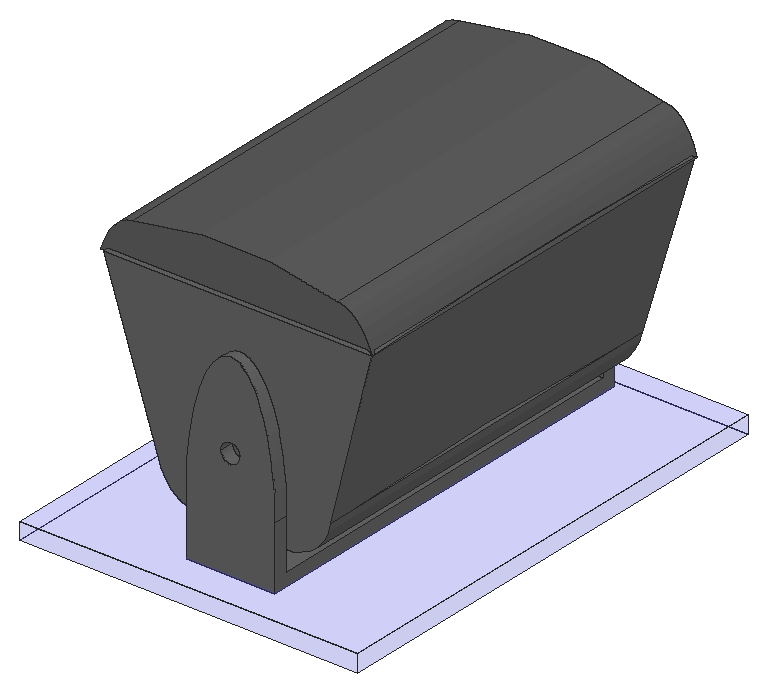
Revit family "AC-S4T - Yoke Mount", category Generic Models, host Face, Revit 2014
Parameters
  Yoke Finish [instance] = Black Finish
  Width = 0' - 6 77/256"
  Weight Product (lb) = 5.3
  Weight Product (kg) = 2.4
  Weight Dimensional (lb) = 11.8
  Weight Dimensional (kg) = 5.3
  URL = "TBA"
  Translated Angle [instance] = Rotation Angle + 90.00°  # 90.00°
  Sensitivity = 85
  SPL Max = 103
  Rotation Angle [instance] = 0.00°
  Regulatory Compliance = "RoHS"
  Product Page URL = "TBA"
  Product Documentation Link = "TBA"
  Power Handling = 16
  Mount Width = 0' - 4 135/256"
  Mount Inner Height [instance] = 1' - 10.9924"
  Mount Height = 1' - 11.51846"
  Mount Depth = 0' - 10"
  Model = "AC-S4T"
  Manufacturer URL = "www.qsc.com"
  Manufacturer = "QSC Audio Products, LLC"
  Impedance = 8
  Height = 1' - 11 119/256"
  Grille Finish [instance] = Black Grille
  Enclosure Finish [instance] = Black Finish
  Description = "4\" 2-Way Surface Mount Loudspeaker"
  Depth = 0' - 11.72664"
  Default Elevation = 8' - 0"
  Coverage Vertical = 130.00°
  Coverage Horizontal = 130.00°
  70V Taps = "16, 8, 4, 2, 1"
  100V Taps = "16, 8, 4, 2"
Reference planes (in)
  plane 1 "Center (Front/Back)": y = 0
  plane 2: z = 0
  plane 3 "Center (Left/Right)": x = 0
  plane 4 "Top": y = 11.75923
  plane 5 "Bottom": y = -11.75923
  plane 6: x = -2.26367
  plane 7: x = 2.26367
  plane 8: z = 10
  plane 9: z = 7.01025
  plane 10: y = 11.4962
  plane 11: y = -11.4962
  plane 12: z = 6.53543
  plane 13: z = 2.38932
Forms (in)
  Extrusion 1, solid, material "Glass"
    sketch origin (0.25, 0, 0) x (1, 0, 0) y (0, 1, 0)
      loop
        line (-4.25546, 12.39578) -> (-4.25546, 1.58838) -> (3.21815, 1.58838) -> (3.21815, 12.39578) -> (-4.25546, 12.39578)
    from 0 to -0.39453
  Extrusion 2, solid, material "Black Finish" <- "Yoke Finish"
    sketch origin (0.15085, -11.75923, -0.03699) x (1, 0, 0) y (0, 0, -1)
      loop
        circle (-0.14554, -2.43937) r 0.21654
      loop
        line (0.8437, 0) -> (-1.12468, 0) -> (-1.12468, -1.40133)
        spline (-1.12468, -1.40133) -> (-1.09114, -2.16556) -> (-0.99282, -2.87771) -> (-0.83642, -3.48925) -> (-0.63258, -3.95849) -> (-0.39522, -4.25347) -> (-0.14049, -4.35409) -> (0.11424, -4.25347) -> (0.3516, -3.95849) -> (0.55544, -3.48925) -> (0.71184, -2.87771) -> (0.81016, -2.16556) -> (0.8437, -1.40133)
        line (0.8437, -1.40133) -> (0.8437, 0)
    from 14.15501 to 23.51846 <- "Mount Height"
  Extrusion 3, void
    sketch origin (-12.33017, -11.4962, 48.00903) x (1, 0, 0) y (0, 0, -1)
      loop
        line (10.05282, 44.61971) -> (14.58017, 44.61971) -> (14.58017, 47.75903) -> (10.05282, 47.75903) -> (10.05282, 44.61971)
    from 14.19503 to 22.9924 <- "Mount Inner Height"
Cuts and joins
  Extrusion 3 cuts Extrusion 2
Lines and regions (in)
  reference lines
    curve 1: line (0.00753, 0, 2.38932) -> (0.00753, 0, 6.48578)
Dimensions and locks (in)
  equal spacing: plane 4 "Top", plane 1 "Center (Front/Back)", plane 5 "Bottom"
  "Mount Height": plane 4 "Top" to plane 5 "Bottom"
  equal spacing: plane 6, plane 3 "Center (Left/Right)", plane 7
  "Mount Width": plane 6 to plane 7
  "Mount Depth": plane 8 to plane 2
  equal spacing: plane 11, plane 1 "Center (Front/Back)", plane 10
  plane 4 "Top" to plane 10 = 0' - 0.26303"
  level to Extrusion 3 sketch curve = 0' - 0 1/4"
  "Mount Inner Height": plane 10 to plane 11
  plane 12 to plane 2 = 0' - 6.53543"
  "Translated Angle": angle plane 13 to nested 2
  aligned and locked: plane 2 to Extrusion 1
  aligned and locked: level to Extrusion 1
Automatic sketch dimensions
  Extrusion 1 sketch curve to Extrusion 1 sketch curve = 0' - 7.4736"
  Extrusion 1 sketch curve to Extrusion 1 sketch curve = 0' - 10.8074"
  plane 6 to Extrusion 3 sketch curve = 0' - 0.01367"
  plane 7 to Extrusion 3 sketch curve = 0' - 0.01367"
  plane 8 to Extrusion 3 sketch curve = 0' - 6.61068"
  level to Extrusion 2 sketch curve = 0' - 0.03699"
  Extrusion 2 sketch curve to plane 6 = 0' - 1.28984"
  Extrusion 2 sketch curve to plane 3 "Center (Left/Right)" = 0' - 0.00531"
  Extrusion 2 sketch curve to plane 3 "Center (Left/Right)" = 0' - 0.01036"
  plane 9 to Extrusion 2 sketch curve = 0' - 5.64591"
  plane 12 to Extrusion 2 sketch curve = 0' - 4.13306"
  curve 1 to plane 13 = 0' - 0"
  plane 3 "Center (Left/Right)" to curve 1 = 0' - 0.00753"
  curve 1 to plane 12 = 0' - 0.04966"
  radius of Extrusion 2 sketch curve = 0' - 0.21654"
Nested families (in)
  nested 1: "AD-S12" at (9, 0, 15.71517) x (-1, 0, 0) z (0, -1, 0), type "AD-S12", not visible
  nested 2: "AC-S4T restart" at (-0.00079, 7.08328, 6.52251) x (1, 0, 0) z (0, 1, 0), type "AC-S4T restart"
Definition of nested family "AD-S12"
  Parameters (values of type "AD-S12")
    Width = 1' - 1.93701"
    Weight Dimensional (lb) = 46.3
    Weight Dimensional (kg) = 21
    URL = "TBA"
    Sensitivity = 92
    SPL Max = 126
    Rotation Axis Distance = 10' - 11.92913"
    Regulatory Compliance = "RoHS"
    Product Page URL = "TBA"
    Product Documentation Link = "TBA"
    Weight Product (kg) = 16
    Weight Product (lb) = 35
    Power Handling = 300
    Model = "AD-S12"
    Mid Depth = 1' - 0.22441"
    Manufacturer URL = "www.qscaudio.com"
    Manufacturer = "QSC Audio Products, LLC"
    Impedance = 8
    Height [instance] = 1' - 11.4594"
    Grille Finish = Black Grille
    Enclosure Finish = Black Finish
    Description = "12\" 2-Way Surface Mount Loudspeaker"
    Depth [instance] = 1' - 0.71517"
    Coverage Vertical = 75.00°
    Coverage Horizontal = 75.00°
  Reference planes (in)
    plane 1 "Center (Front/Back) (Grille Extent)": y = 0
    plane 2: z = 0
    plane 3 "Center (Left/Right)": x = 0
    plane 4 "Rotation Axis Plane": y = 131.92913
    plane 5: x = -6.9685
    plane 6: x = 6.9685
    plane 7: x = 4.20118
    plane 8: x = -4.20118
    plane 9: y = 2.80315
    plane 10: x = -5.62343
    plane 11: x = 5.62343
    plane 12: y = 11.14843
    plane 13: x = -4.43091
    plane 14: x = 4.43091
    plane 15: y = 0.2126
    plane 16 "Back Plane": y = 12.71517
    plane 17: y = 12.22441
    plane 18: y = 3.07038
    plane 19: x = -6.82087
    plane 20: x = 6.82087
    plane 21: z = 5.51181
    plane 22: z = 3.93701
    plane 23: x = -1.5748
    plane 24: x = 1.5748
    plane 25 "Top Plane": z = 11.83201
    plane 26: z = -11.62738
    plane 27: x = 4.20118
    plane 28: x = -4.20118
    plane 29: y = 2.80315
    plane 30: x = -5.62343
    plane 31: x = 5.62343
    plane 32: y = 11.14843
    plane 33: x = -4.43091
    plane 34: x = 4.43091
    plane 35: y = 0.2126
    plane 36: y = 12.22441
    plane 37: y = 3.07038
    plane 38: x = -6.82087
    plane 39: x = 6.82087
  Forms (in)
    Revolve 1, solid, material "Black Finish" <- "Enclosure Finish"
      sketch origin (0, 0, 0) x (1, 0, 0) y (0, 1, 0)
        loop
          spline (-4.20118, 12.22441) -> (-4.40269, 12.21694) -> (-4.58911, 12.19452) -> (-4.76044, 12.15716) -> (-4.91669, 12.10486) -> (-5.05784, 12.03761) -> (-5.1839, 11.95541) -> (-5.29488, 11.85828) -> (-5.39077, 11.74619) -> (-5.47157, 11.61917) -> (-5.53727, 11.4772) -> (-5.58789, 11.32028) -> (-5.62343, 11.14843)
          line (-5.62343, 11.14843) -> (-6.9685, 2.80315)
          spline (-6.9685, 2.80315) -> (-6.84295, 2.41211) -> (-6.70178, 2.04969) -> (-6.54499, 1.7159) -> (-6.37258, 1.41074) -> (-6.18454, 1.1342) -> (-5.98089, 0.88629) -> (-5.76161, 0.66701) -> (-5.52671, 0.47635) -> (-5.27619, 0.31433) -> (-5.01005, 0.18092) -> (-4.72829, 0.07615) -> (-4.43091, 0)
          spline (-4.43091, 0) -> (-3.69309, 0.07606) -> (-2.95515, 0.13828) -> (-2.21709, 0.18668) -> (-1.47891, 0.22126) -> (-0.74061, 0.242) -> (-0.00219, 0.24891) -> (0.73636, 0.242) -> (1.47502, 0.22126) -> (2.21381, 0.18668) -> (2.95272, 0.13828) -> (3.69175, 0.07606) -> (4.43091, 0)
          spline (4.43091, 0) -> (4.72829, 0.07615) -> (5.01005, 0.18092) -> (5.27619, 0.31433) -> (5.52671, 0.47635) -> (5.76161, 0.66701) -> (5.98089, 0.88629) -> (6.18454, 1.1342) -> (6.37258, 1.41074) -> (6.54499, 1.7159) -> (6.70178, 2.04969) -> (6.84295, 2.41211) -> (6.9685, 2.80315)
          line (6.9685, 2.80315) -> (5.62343, 11.14843)
          spline (5.62343, 11.14843) -> (5.58789, 11.32028) -> (5.53727, 11.4772) -> (5.47157, 11.61917) -> (5.39077, 11.74619) -> (5.29488, 11.85828) -> (5.1839, 11.95541) -> (5.05784, 12.03761) -> (4.91669, 12.10486) -> (4.76044, 12.15716) -> (4.58911, 12.19452) -> (4.40269, 12.21694) -> (4.20118, 12.22441)
          line (4.20118, 12.22441) -> (-4.20118, 12.22441)
        axis (-6.9685, 131.92913) -> (6.9685, 131.92913)
      angle from -5.19 to 5.19
    Revolve 2, void
      sketch origin (0, 0, 0) x (1, 0, 0) y (0, 1, 0)
        loop
          line (-6.82087, 3.07038) -> (-6.82087, 0) -> (6.82087, 0) -> (6.82087, 3.07038) -> (-6.82087, 3.07038)
        axis (-6.82087, 131.92913) -> (6.82087, 131.92913)
      angle from -5 to 5
    Extrusion 3, void
      sketch origin (0, 12.71517, 0) x (-1, 0, 0) y (0, 0, -1)
        loop
          line (-1.5748, -5.51181) -> (1.5748, -5.51181) -> (1.5748, -3.93701) -> (-1.5748, -3.93701) -> (-1.5748, -5.51181)
      from 0 to 0.59055
    Revolve 4, solid, material "Black Grille" <- "Grille Finish"
      sketch origin (0, 0, 0) x (1, 0, 0) y (0, 1, 0)
        loop
          spline (-4.43091, 0) -> (-3.69309, 0.07606) -> (-2.95515, 0.13828) -> (-2.21709, 0.18668) -> (-1.47891, 0.22126) -> (-0.74061, 0.242) -> (-0.00219, 0.24891) -> (0.73636, 0.242) -> (1.47502, 0.22126) -> (2.21381, 0.18668) -> (2.95272, 0.13828) -> (3.69175, 0.07606) -> (4.43091, 0)
          spline (4.43091, 0) -> (4.71215, 0.08363) -> (4.97847, 0.18767) -> (5.22987, 0.31212) -> (5.46634, 0.45698) -> (5.68789, 0.62226) -> (5.89452, 0.80794) -> (6.08622, 1.01404) -> (6.263, 1.24055) -> (6.42485, 1.48747) -> (6.57178, 1.7548) -> (6.70378, 2.04254) -> (6.82087, 2.35069)
          line (6.82087, 2.35069) -> (-6.82087, 2.35069)
          spline (-6.82087, 2.35069) -> (-6.70378, 2.04254) -> (-6.57178, 1.7548) -> (-6.42485, 1.48747) -> (-6.263, 1.24055) -> (-6.08622, 1.01404) -> (-5.89452, 0.80794) -> (-5.68789, 0.62226) -> (-5.46634, 0.45698) -> (-5.22987, 0.31212) -> (-4.97847, 0.18767) -> (-4.71215, 0.08363) -> (-4.43091, 0)
        axis (-6.82087, 131.92913) -> (6.82087, 131.92913)
      angle from -5.009 to 5.009
  Cuts and joins
    Revolve 2, Extrusion 3 cuts Revolve 1
  Lines and regions (in)
    model lines, detail levels fine
      curve 1: line (0.17216, 2.34921, 11.76989) -> (-0.06705, 2.66308, 11.74138)
      curve 2: line (-0.06705, 2.66308, 11.74138) -> (0.17216, 2.34921, 11.76989)
      curve 3: line (-0.93434, 2.3884, 11.76633) -> (-0.84396, 2.71218, 11.73693)
      curve 4: line (-0.84396, 2.71218, 11.73693) -> (-0.93434, 2.3884, 11.76633)
      curve 5: line (-0.78338, 2.17403, 11.78581) -> (-0.85083, 2.77319, 11.73138)
      curve 6: line (-0.85083, 2.77319, 11.73138) -> (-0.78338, 2.17403, 11.78581)
      curve 7: line (0.49247, 2.59322, 11.74773) -> (0.70579, 2.43715, 11.76191)
      curve 8: line (0.70579, 2.43715, 11.76191) -> (0.49247, 2.59322, 11.74773)
      curve 17: line (-6.93875, 3.52261, 0.20046) -> (-6.88075, 3.80887, -0.02124)
      curve 18: line (-6.88075, 3.80887, -0.02124) -> (-6.93875, 3.52261, 0.20046)
      curve 19: line (-6.93151, 3.55835, -0.825) -> (-6.87168, 3.85365, -0.74125)
      curve 20: line (-6.87168, 3.85365, -0.74125) -> (-6.93151, 3.55835, -0.825)
      curve 21: line (-6.97112, 3.36283, -0.6851) -> (-6.8604, 3.9093, -0.74761)
      curve 22: line (-6.8604, 3.9093, -0.74761) -> (-6.97112, 3.36283, -0.6851)
      curve 23: line (-6.89366, 3.74516, 0.49731) -> (-6.9225, 3.60281, 0.695)
      curve 24: line (-6.9225, 3.60281, 0.695) -> (-6.89366, 3.74516, 0.49731)
      curve 33: line (6.93875, 3.52261, -0.20046) -> (6.88075, 3.80887, 0.02124)
      curve 34: line (6.88075, 3.80887, 0.02124) -> (6.93875, 3.52261, -0.20046)
      curve 35: line (6.93151, 3.55835, 0.825) -> (6.87168, 3.85365, 0.74125)
      curve 36: line (6.87168, 3.85365, 0.74125) -> (6.93151, 3.55835, 0.825)
      curve 37: line (6.97112, 3.36283, 0.6851) -> (6.8604, 3.9093, 0.74761)
      curve 38: line (6.8604, 3.9093, 0.74761) -> (6.97112, 3.36283, 0.6851)
      curve 39: line (6.89366, 3.74516, -0.49731) -> (6.9225, 3.60281, -0.695)
      curve 40: line (6.9225, 3.60281, -0.695) -> (6.89366, 3.74516, -0.49731)
      curve 41: line (-0.17216, 2.34921, -11.76989) -> (0.06705, 2.66308, -11.74138)
      curve 42: line (0.06705, 2.66308, -11.74138) -> (-0.17216, 2.34921, -11.76989)
      curve 43: line (0.93434, 2.3884, -11.76633) -> (0.84396, 2.71218, -11.73693)
      curve 44: line (0.84396, 2.71218, -11.73693) -> (0.93434, 2.3884, -11.76633)
      curve 45: line (0.78338, 2.17403, -11.78581) -> (0.85083, 2.77319, -11.73138)
      curve 46: line (0.85083, 2.77319, -11.73138) -> (0.78338, 2.17403, -11.78581)
      curve 47: line (-0.49247, 2.59322, -11.74773) -> (-0.70579, 2.43715, -11.76191)
      curve 48: line (-0.70579, 2.43715, -11.76191) -> (-0.49247, 2.59322, -11.74773)
    model lines, not visible, detail levels fine
      curve 9: line (-0.68506, 1.17355, 0.03125) -> (-0.92428, 1.48872, 0.03125)
      curve 10: line (-0.92428, 1.48872, 0.03125) -> (-0.68506, 1.17355, 0.03125)
      curve 11: line (-1.79156, 1.21291, 0.03125) -> (-1.70119, 1.53802, 0.03125)
      curve 12: line (-1.70119, 1.53802, 0.03125) -> (-1.79156, 1.21291, 0.03125)
      curve 13: line (-1.6406, 0.99765, 0.03125) -> (-1.70806, 1.59928, 0.03125)
      curve 14: line (-1.70806, 1.59928, 0.03125) -> (-1.6406, 0.99765, 0.03125)
      curve 15: line (-0.36475, 1.41857, 0.03125) -> (-0.15144, 1.26185, 0.03125)
      curve 16: line (-0.15144, 1.26185, 0.03125) -> (-0.36475, 1.41857, 0.03125)
      curve 25: line (0.65829, -2.35694, 1.02704) -> (0.4366, -2.06486, 1.02704)
      curve 26: line (0.4366, -2.06486, 1.02704) -> (0.65829, -2.35694, 1.02704)
      curve 27: line (-0.36717, -2.32047, 1.02704) -> (-0.28341, -2.01917, 1.02704)
      curve 28: line (-0.28341, -2.01917, 1.02704) -> (-0.36717, -2.32047, 1.02704)
      curve 29: line (-0.22727, -2.51996, 1.02704) -> (-0.28978, -1.96239, 1.02704)
      curve 30: line (-0.28978, -1.96239, 1.02704) -> (-0.22727, -2.51996, 1.02704)
      curve 31: line (0.95515, -2.12986, 1.02704) -> (1.15283, -2.27511, 1.02704)
      curve 32: line (1.15283, -2.27511, 1.02704) -> (0.95515, -2.12986, 1.02704)
    model lines, not visible, detail levels medium+fine
      curve 49: circle (0, 7.52183, 0) r 0.64961 normal (0, 0, 1)
    model lines, detail levels medium+fine
      curve 50: circle (0, 6.32638, 11.40864) r 0.64961 normal (0, 0.0905, 0.9959)
      curve 51: circle (0, 6.32638, -11.40864) r 0.64961 normal (0, -0.0905, 0.9959)
  Dimensions and locks (in)
    "Rotation Axis Distance": plane 4 "Rotation Axis Plane" to plane 1 "Center (Front/Back) (Grille Extent)"
    equal spacing: plane 5, plane 3 "Center (Left/Right)", plane 6
    "Width": plane 5 to plane 6
    equal spacing: plane 8, plane 3 "Center (Left/Right)", plane 7
    plane 8 to plane 7 = 0' - 8 103/256"
    plane 10 to plane 11 = 0' - 11.24685"
    equal spacing: plane 10, plane 3 "Center (Left/Right)", plane 11
    equal spacing: plane 13, plane 3 "Center (Left/Right)", plane 14
    plane 13 to plane 14 = 0' - 8.86181"
    plane 15 to plane 1 "Center (Front/Back) (Grille Extent)" = 0' - 0.2126"
    "Depth": plane 16 "Back Plane" to plane 1 "Center (Front/Back) (Grille Extent)"
    "Mid Depth": plane 17 to plane 1 "Center (Front/Back) (Grille Extent)"
    equal spacing: plane 19, plane 3 "Center (Left/Right)", plane 20
    plane 19 to plane 20 = 1' - 1.64173"
    plane 21 to plane 22 = 0' - 1.5748"
    equal spacing: plane 23, plane 3 "Center (Left/Right)", plane 24
    plane 23 to plane 24 = 0' - 3.14961"
    "Height": plane 25 "Top Plane" to plane 26
    plane 9 to plane 1 "Center (Front/Back) (Grille Extent)" = 0' - 2.80315"
    plane 10 to plane 3 "Center (Left/Right)" = 0' - 5.62343"
    plane 17 to plane 12 = 0' - 1.07598"
    plane 13 to plane 3 "Center (Left/Right)" = 0' - 4.43091"
    plane 8 to plane 3 "Center (Left/Right)" = 0' - 4.20118"
    plane 28 to plane 27 = 0' - 8 103/256"  (x2)
    plane 30 to plane 31 = 0' - 11.24685"  (x2)
    plane 33 to plane 34 = 0' - 8.86181"  (x2)
    plane 36 to plane 32 = 0' - 1.07598"
    plane 38 to plane 39 = 1' - 1.64173"
    curve 50 to plane 16 "Back Plane" = 0' - 5.74185"
    plane 26 to plane 22 = 1' - 3.56439"
    aligned and locked: plane 2 to level
    aligned and locked: Revolve 1 sketch curve to plane 17
    aligned and locked: Revolve 2 sketch curve to plane 4 "Rotation Axis Plane"
    aligned and locked: Revolve 2 sketch curve to plane 18
    aligned and locked: Revolve 2 sketch curve to plane 19
    aligned and locked: Revolve 2 sketch curve to plane 1 "Center (Front/Back) (Grille Extent)"
    aligned and locked: Revolve 2 sketch curve to plane 20
    aligned and locked: plane 21 to Extrusion 3 sketch curve
    aligned and locked: plane 24 to Extrusion 3 sketch curve
    aligned and locked: Extrusion 3 sketch curve to plane 22
    aligned and locked: Extrusion 3 sketch curve to plane 23
    aligned and locked: plane 12 to Revolve 1 sketch curve
    aligned and locked: plane 10 to Revolve 1 sketch curve
    aligned and locked: plane 16 "Back Plane" to cut or joined group of Revolve 1, Revolve 2, Extrusion 3
    aligned and locked: curve 6 to cut or joined group of Revolve 1, Revolve 2, Extrusion 3
    aligned and locked: curve 50 to cut or joined group of Revolve 1, Revolve 2, Extrusion 3
  Automatic sketch dimensions
    Revolve 1 sketch curve to plane 5 = 0' - 0"  (x2)
    Revolve 1 sketch curve to plane 4 "Rotation Axis Plane" = 0' - 0"
    plane 1 "Center (Front/Back) (Grille Extent)" to Revolve 1 sketch curve = 0' - 0"
    Revolve 1 sketch curve to plane 13 = 0' - 0"
    Revolve 1 sketch curve to plane 8 = 0' - 0"
    Revolve 1 sketch curve to plane 7 = 0' - 0"
    Revolve 1 sketch curve to plane 14 = 0' - 0"
    Revolve 1 sketch curve to plane 11 = 0' - 0"
    Revolve 1 sketch curve to plane 6 = 0' - 0"  (x2)
    Revolve 1 sketch curve to plane 9 = 0' - 0"  (x2)
    Revolve 1 sketch curve to plane 12 = 0' - 0"
    Revolve 2 sketch curve to plane 3 "Center (Left/Right)" = 0' - 0"
    Revolve 2 sketch curve to plane 6 = 0' - 0"
    Revolve 4 sketch curve to plane 4 "Rotation Axis Plane" = 0' - 0"
    Revolve 4 sketch curve to plane 5 = 0' - 0"
    Revolve 4 sketch curve to plane 38 = 0' - 0"
    plane 1 "Center (Front/Back) (Grille Extent)" to Revolve 4 sketch curve = 0' - 0"
    Revolve 4 sketch curve to plane 33 = 0' - 0"
    Revolve 4 sketch curve to plane 34 = 0' - 0"
    Revolve 4 sketch curve to plane 39 = 0' - 0"
    Revolve 4 sketch curve to plane 6 = 0' - 0"
    Revolve 4 sketch curve to plane 29 = 0' - 0.45246"
    curve 3 to curve 4 = 0' - 0"  (x2)
    curve 4 to curve 5 = 0' - 0.08351"
    curve 6 to curve 5 = 0' - 0"  (x3)
    curve 6 to curve 3 = 0' - 0.00687"
    curve 4 to curve 3 = 0' - 0"
    curve 3 to curve 5 = 0' - 0.15096"
    curve 3 to curve 2 = 0' - 0.77691"
    curve 1 to curve 2 = 0' - 0"
    curve 2 to curve 1 = 0' - 0.23921"
    curve 2 to curve 1 = 0' - 0"  (x3)
    curve 1 to curve 8 = 0' - 0 41/128"
    curve 7 to curve 8 = 0' - 0"  (x2)
    curve 7 to curve 8 = 0' - 0.21331"
    curve 5 to curve 6 = 0' - 0"
    curve 6 to curve 1 = 0' - 0.17591"
    curve 5 to curve 4 = 0' - 0.21526"
    curve 1 to curve 7 = 0' - 0.0883"
    curve 8 to curve 7 = 0' - 0"  (x2)
    curve 8 to curve 7 = 0' - 0.15672"
    curve 1 to curve 1 = 0' - 0.31516"
    curve 4 to curve 4 = 0' - 0.32511"
    curve 11 to curve 12 = 0' - 0"  (x2)
    curve 12 to curve 13 = 0' - 0.08351"
    curve 14 to curve 13 = 0' - 0"  (x3)
    curve 14 to curve 11 = 0' - 0.00687"
    curve 12 to curve 11 = 0' - 0"
    curve 11 to curve 13 = 0' - 0.15096"
    curve 11 to curve 10 = 0' - 0.77691"
    curve 9 to curve 10 = 0' - 0"
    curve 10 to curve 9 = 0' - 0.23921"
    curve 10 to curve 9 = 0' - 0"  (x3)
    curve 9 to curve 16 = 0' - 0 41/128"
    curve 15 to curve 16 = 0' - 0"  (x2)
    curve 15 to curve 16 = 0' - 0.21331"
    curve 13 to curve 14 = 0' - 0"
    curve 14 to curve 9 = 0' - 0.17591"
    curve 13 to curve 12 = 0' - 0.21526"
    curve 9 to curve 15 = 0' - 0.0883"
    curve 16 to curve 15 = 0' - 0"  (x2)
    curve 16 to curve 15 = 0' - 0.15672"
    curve 9 to curve 9 = 0' - 0.31516"
    curve 12 to curve 12 = 0' - 0.32511"
    curve 19 to curve 20 = 0' - 0"  (x2)
    curve 20 to curve 21 = 0' - 0.07739"
    curve 22 to curve 21 = 0' - 0"  (x3)
    curve 21 to curve 19 = 0' - 0.00637"
    curve 20 to curve 19 = 0' - 0"
    curve 19 to curve 21 = 0' - 0.1399"
    curve 19 to curve 18 = 0' - 0.72001"
    curve 17 to curve 18 = 0' - 0"
    curve 17 to curve 17 = 0' - 0.22169"
    curve 18 to curve 17 = 0' - 0"  (x3)
    curve 18 to curve 24 = 0' - 0.29685"
    curve 23 to curve 24 = 0' - 0"  (x2)
    curve 23 to curve 24 = 0' - 0.19769"
    curve 21 to curve 22 = 0' - 0"
    curve 22 to curve 17 = 0' - 0.16302"
    curve 22 to curve 20 = 0' - 0.19949"
    curve 18 to curve 23 = 0' - 0.08183"
    curve 24 to curve 23 = 0' - 0"  (x2)
    curve 24 to curve 23 = 0' - 0.14524"
    curve 18 to curve 17 = 0' - 0.29208"
    curve 20 to curve 20 = 0' - 0.3013"
    curve 27 to curve 28 = 0' - 0"  (x2)
    curve 28 to curve 29 = 0' - 0.07739"
    curve 30 to curve 29 = 0' - 0"  (x3)
    curve 29 to curve 27 = 0' - 0.00637"
    curve 28 to curve 27 = 0' - 0"
    curve 27 to curve 29 = 0' - 0.1399"
    curve 27 to curve 26 = 0' - 0.72001"
    curve 25 to curve 26 = 0' - 0"
    curve 25 to curve 25 = 0' - 0.22169"
    curve 26 to curve 25 = 0' - 0"  (x3)
    curve 26 to curve 32 = 0' - 0.29685"
    curve 31 to curve 32 = 0' - 0"  (x2)
    curve 31 to curve 32 = 0' - 0.19769"
    curve 29 to curve 30 = 0' - 0"
    curve 30 to curve 25 = 0' - 0.16302"
    curve 30 to curve 28 = 0' - 0.19949"
    curve 26 to curve 31 = 0' - 0.08183"
    curve 32 to curve 31 = 0' - 0"  (x2)
    curve 32 to curve 31 = 0' - 0.14524"
    curve 26 to curve 25 = 0' - 0.29208"
    curve 28 to curve 28 = 0' - 0.3013"
    curve 35 to curve 36 = 0' - 0"  (x2)
    curve 36 to curve 37 = 0' - 0.07739"
    curve 38 to curve 37 = 0' - 0"  (x3)
    curve 37 to curve 35 = 0' - 0.00637"
    curve 36 to curve 35 = 0' - 0"
    curve 35 to curve 37 = 0' - 0.1399"
    curve 35 to curve 34 = 0' - 0.72001"
    curve 33 to curve 34 = 0' - 0"
    curve 33 to curve 33 = 0' - 0.22169"
    curve 34 to curve 33 = 0' - 0"  (x3)
    curve 34 to curve 40 = 0' - 0.29685"
    curve 39 to curve 40 = 0' - 0"  (x2)
    curve 39 to curve 40 = 0' - 0.19769"
    curve 37 to curve 38 = 0' - 0"
    curve 38 to curve 33 = 0' - 0.16302"
    curve 38 to curve 36 = 0' - 0.19949"
    curve 34 to curve 39 = 0' - 0.08183"
    curve 40 to curve 39 = 0' - 0"  (x2)
    curve 40 to curve 39 = 0' - 0.14524"
    curve 34 to curve 33 = 0' - 0.29208"
    curve 36 to curve 36 = 0' - 0.3013"
    curve 43 to curve 44 = 0' - 0"  (x2)
    curve 44 to curve 45 = 0' - 0.08351"
    curve 46 to curve 45 = 0' - 0"  (x3)
    curve 46 to curve 43 = 0' - 0.00687"
    curve 44 to curve 43 = 0' - 0"
    curve 43 to curve 45 = 0' - 0.15096"
    curve 43 to curve 42 = 0' - 0.77691"
    curve 41 to curve 42 = 0' - 0"
    curve 42 to curve 41 = 0' - 0.23921"
    curve 42 to curve 41 = 0' - 0"  (x3)
    curve 41 to curve 48 = 0' - 0 41/128"
    curve 47 to curve 48 = 0' - 0"  (x2)
    curve 47 to curve 48 = 0' - 0.21331"
    curve 45 to curve 46 = 0' - 0"
    curve 46 to curve 41 = 0' - 0.17591"
    curve 45 to curve 44 = 0' - 0.21526"
    curve 41 to curve 47 = 0' - 0.0883"
    curve 48 to curve 47 = 0' - 0"  (x2)
    curve 48 to curve 47 = 0' - 0.15672"
    curve 41 to curve 41 = 0' - 0.31516"
    curve 44 to curve 44 = 0' - 0.32511"
  Connectors (in)
    electrical at (0, 12.12462, 4.72441)
      settings: on cut or joined group of Revolve 1, Revolve 2, Extrusion 3, index 1, voltage 0 V, apparent load 0 VA, apparent load phase1 0 VA, apparent load phase2 0 VA, apparent load phase3 0 VA, power factor 1, load classification "Other", number of poles 1, system type 14, power factor state 1, is connector primary yes, connector utility no, sub classification motor no, connector description "Speaker Input"
    electrical at (0, 12.12462, 4.72441)
      settings: on cut or joined group of Revolve 1, Revolve 2, Extrusion 3, index 2, voltage 0 V, apparent load 0 VA, apparent load phase1 0 VA, apparent load phase2 0 VA, apparent load phase3 0 VA, power factor 1, load classification "Other", number of poles 1, system type 14, power factor state 1, is connector primary no, connector utility no, sub classification motor no, connector description "Parallel Output"
Definition of nested family "AC-S4T restart"
  Parameters (values of type "AC-S4T restart")
    Width = 0' - 6.29921"
    Weight Dimensional (lb) = 32.1
    Weight Dimensional (kg) = 14.5
    URL = "TBA"
    Sensitivity = 87
    SPL Max = 110
    Rotation Axis Distance = 8' - 2.08268"
    Regulatory Compliance = "RoHS"
    Product Page URL = "TBA"
    Product Documentation Link = "TBA"
    Weight Product (kg) = 11
    Weight Product (lb) = 24.1
    Power Handling = 50
    Model = "AD-S8T"
    Mid Depth = 0' - 9.64173"
    Manufacturer URL = "www.qscaudio.com"
    Manufacturer = "QSC Audio Products, LLC"
    Impedance = 8
    Height [instance] = 0' - 9.05512"
    Grille Finish = Black Grille
    Enclosure Finish = Black Finish
    Description = "8\" 2-Way Surface Mount Loudspeaker"
    Depth [instance] = 0' - 5.90551"
    Coverage Vertical = 120.00°
    Coverage Horizontal = 120.00°
    70V Taps = "30, 15, 7.5, 3.75"
    100V Taps = "30, 15, 7.5"
  Reference planes (in)
    plane 1 "Center (Front/Back) (Grille Extent)": y = 0
    plane 2: z = 0
    plane 3 "Center (Left/Right)": x = 0
    plane 4 "Rotation Axis Plane": y = 98.08268
    plane 5: x = -3.14961
    plane 6: x = 3.14961
    plane 7: x = 2.77846
    plane 8: x = -2.77782
    plane 9: y = 1.14214
    plane 10: x = -3.86779
    plane 11: x = 3.86843
    plane 12: y = 7.96694
    plane 13: x = -3.17152
    plane 14: x = 3.17216
    plane 15: y = 0.0607
    plane 16 "Back Plane": y = 5.90551
    plane 17: y = 5.90551
    plane 18: y = 1.12911
    plane 19: x = -4.86317
    plane 20: x = 4.86381
    plane 21: x = 2.77846
    plane 22: x = -2.77782
    plane 23: y = 1.20243
    plane 24: x = -3.86779
    plane 25: x = 3.86843
    plane 26: y = 7.91897
    plane 27: x = -3.06719
    plane 28: x = 3.06783
    plane 29: y = -1.02198
    plane 30: y = 8.46227
    plane 31: y = 0.98148
    plane 32: x = -4.86317
    plane 33: x = 4.86381
    plane 34: z = 3.54331
    plane 35: z = 1.9685
    plane 36: x = -1.57448
    plane 37: x = 1.57512
    plane 38 "Top Plane": z = 4.56903
    plane 39: z = -4.48609
  Forms (in)
    Revolve 1, solid, material "Black Finish"
      sketch origin (0.00032, -1.15511, 0) x (1, 0, 0) y (0, 1, 0)
        loop
          arc (-0.80963, 6.96095) -> (-1.53638, 6.7181) -> (-1.9247, 6.05754) r 1.09214
          line (-1.9247, 6.05754) -> (-3.17184, 1.49993)
          spline (-3.17184, 1.49993) -> (-3.07533, 1.40645) -> (-2.98132, 1.32362) -> (-2.88983, 1.25146) -> (-2.80084, 1.18995) -> (-2.71435, 1.1391) -> (-2.63037, 1.09892) -> (-2.5489, 1.06939) -> (-2.46994, 1.05052) -> (-2.39348, 1.04231) -> (-2.31953, 1.04476) -> (-2.24808, 1.05787) -> (-2.17915, 1.08164)
          spline (-2.17915, 1.08164) -> (-1.81596, 1.12252) -> (-1.45276, 1.15596) -> (-1.08957, 1.18198) -> (-0.72638, 1.20056) -> (-0.36319, 1.21171) -> (0, 1.21542) -> (0.36319, 1.21171) -> (0.72638, 1.20056) -> (1.08957, 1.18198) -> (1.45276, 1.15596) -> (1.81596, 1.12252) -> (2.17915, 1.08164)
          spline (2.17915, 1.08164) -> (2.24808, 1.05787) -> (2.31953, 1.04476) -> (2.39348, 1.04231) -> (2.46994, 1.05052) -> (2.5489, 1.06939) -> (2.63037, 1.09892) -> (2.71435, 1.1391) -> (2.80084, 1.18995) -> (2.88983, 1.25146) -> (2.98132, 1.32362) -> (3.07533, 1.40645) -> (3.17184, 1.49993)
          line (3.17184, 1.49993) -> (1.9247, 6.05754)
          arc (1.9247, 6.05754) -> (1.53638, 6.7181) -> (0.80963, 6.96095) r 1.09214
          line (0.80963, 6.96095) -> (-0.80963, 6.96095)
        axis (-3.17184, 98.08268) -> (3.17184, 98.08268)
      angle from -2.68 to 2.68
    Revolve 2, void
      sketch origin (0.00032, -1.05544, 0) x (1, 0, 0) y (0, 1, 0)
        loop
          line (-3.63086, 2.18456) -> (-3.63086, 0.56332) -> (3.6526, 0.56332) -> (3.6526, 2.18456) -> (-3.63086, 2.18456)
        axis (-3.63086, 99.13812) -> (3.6526, 99.13812)
      angle from -2.9 to 2.9
    Revolve 3, solid, material "Black Grille"
      sketch origin (0.00032, -1.20308, 0) x (1, 0, 0) y (0, 1, 0)
        loop
          spline (-2.28846, 1.49256) -> (-1.90744, 1.40143) -> (-1.5271, 1.32687) -> (-1.14743, 1.26887) -> (-0.76843, 1.22745) -> (-0.39011, 1.20259) -> (-0.01246, 1.19431) -> (0.36451, 1.20259) -> (0.74081, 1.22745) -> (1.11643, 1.26887) -> (1.49138, 1.32687) -> (1.86565, 1.40143) -> (2.23925, 1.49256)
          spline (2.23925, 1.49256) -> (2.31481, 1.50038) -> (2.38807, 1.51936) -> (2.45901, 1.54952) -> (2.52764, 1.59085) -> (2.59395, 1.64335) -> (2.65796, 1.70702) -> (2.71965, 1.78186) -> (2.77902, 1.86788) -> (2.83609, 1.96506) -> (2.89084, 2.07342) -> (2.94328, 2.19294) -> (2.99341, 2.32364)
          line (2.99341, 2.32364) -> (-3.04262, 2.32364)
          spline (-3.04262, 2.32364) -> (-2.99249, 2.19294) -> (-2.94005, 2.07342) -> (-2.8853, 1.96506) -> (-2.82824, 1.86788) -> (-2.76886, 1.78186) -> (-2.70717, 1.70702) -> (-2.64317, 1.64335) -> (-2.57685, 1.59085) -> (-2.50822, 1.54952) -> (-2.43728, 1.51936) -> (-2.36403, 1.50038) -> (-2.28846, 1.49256)
        axis (-3.04262, 98.08268) -> (2.99341, 98.08268)
      angle from -2.68 to 2.68
    Extrusion 4, void
      sketch origin (0.00032, 5.90551, -2.16535) x (-1, 0, 0) y (0, 0, -1)
        loop
          line (-1.5748, -5.70866) -> (1.5748, -5.70866) -> (1.5748, -4.13386) -> (-1.5748, -4.13386) -> (-1.5748, -5.70866)
      from 0 to 0.3937
  Cuts and joins
    Revolve 2, Extrusion 4 cuts Revolve 1
  Lines and regions (in)
    model lines, detail levels fine
      curve 1: line (0.14629, 0.60858, 4.5377) -> (-0.00975, 0.81339, 4.51978)
      curve 2: line (-0.00975, 0.81339, 4.51978) -> (0.14629, 0.60858, 4.5377)
      curve 3: line (-0.5755, 0.63415, 4.53546) -> (-0.51654, 0.84542, 4.51698)
      curve 4: line (-0.51654, 0.84542, 4.51698) -> (-0.5755, 0.63415, 4.53546)
      curve 5: line (-0.47702, 0.49427, 4.5477) -> (-0.52103, 0.88524, 4.5135)
      curve 6: line (-0.52103, 0.88524, 4.5135) -> (-0.47702, 0.49427, 4.5477)
      curve 7: line (0.35524, 0.7678, 4.52377) -> (0.49439, 0.66596, 4.53268)
      curve 8: line (0.49439, 0.66596, 4.53268) -> (0.35524, 0.7678, 4.52377)
      curve 17: line (-2.4814, 3.06597, 0.19188) -> (-2.43004, 3.25876, 0.04044)
      curve 18: line (-2.43004, 3.25876, 0.04044) -> (-2.4814, 3.06597, 0.19188)
      curve 19: line (-2.47498, 3.09004, -0.5086) -> (-2.42201, 3.28892, -0.45139)
      curve 20: line (-2.42201, 3.28892, -0.45139) -> (-2.47498, 3.09004, -0.5086)
      curve 21: line (-2.51006, 2.95836, -0.41304) -> (-2.41203, 3.3264, -0.45574)
      curve 22: line (-2.41203, 3.3264, -0.45574) -> (-2.51006, 2.95836, -0.41304)
      curve 23: line (-2.44147, 3.21585, 0.39466) -> (-2.46701, 3.11998, 0.5297)
      curve 24: line (-2.46701, 3.11998, 0.5297) -> (-2.44147, 3.21585, 0.39466)
      curve 33: line (2.48792, 3.05493, -0.06472) -> (2.43657, 3.24773, 0.08672)
      curve 34: line (2.43657, 3.24773, 0.08672) -> (2.48792, 3.05493, -0.06472)
      curve 35: line (2.48151, 3.07901, 0.63576) -> (2.42853, 3.27789, 0.57855)
      curve 36: line (2.42853, 3.27789, 0.57855) -> (2.48151, 3.07901, 0.63576)
      curve 37: line (2.51658, 2.94733, 0.5402) -> (2.41855, 3.31537, 0.5829)
      curve 38: line (2.41855, 3.31537, 0.5829) -> (2.51658, 2.94733, 0.5402)
      curve 39: line (2.448, 3.20482, -0.2675) -> (2.47353, 3.10895, -0.40254)
      curve 40: line (2.47353, 3.10895, -0.40254) -> (2.448, 3.20482, -0.2675)
      curve 42: line (0.14629, 0.60858, -4.46388) -> (-0.00975, 0.81339, -4.44596)
      curve 43: line (-0.00975, 0.81339, -4.44596) -> (0.14629, 0.60858, -4.46388)
      curve 44: line (-0.5755, 0.63415, -4.46165) -> (-0.51654, 0.84542, -4.44316)
      curve 45: line (-0.51654, 0.84542, -4.44316) -> (-0.5755, 0.63415, -4.46165)
      curve 46: line (-0.47702, 0.49427, -4.47388) -> (-0.52103, 0.88524, -4.43968)
      curve 47: line (-0.52103, 0.88524, -4.43968) -> (-0.47702, 0.49427, -4.47388)
      curve 48: line (0.35524, 0.7678, -4.44995) -> (0.49439, 0.66596, -4.45886)
      curve 49: line (0.49439, 0.66596, -4.45886) -> (0.35524, 0.7678, -4.44995)
    model lines, not visible, detail levels fine
      curve 9: line (-0.36676, 1.11846, 0.03231) -> (-0.52281, 1.32404, 0.03254)
      curve 10: line (-0.52281, 1.32404, 0.03254) -> (-0.36676, 1.11846, 0.03231)
      curve 11: line (-1.08855, 1.14413, 0.03234) -> (-1.0296, 1.3562, 0.03258)
      curve 12: line (-1.0296, 1.3562, 0.03258) -> (-1.08855, 1.14413, 0.03234)
      curve 13: line (-0.99008, 1.00371, 0.03217) -> (-1.03408, 1.39617, 0.03263)
      curve 14: line (-1.03408, 1.39617, 0.03263) -> (-0.99008, 1.00371, 0.03217)
      curve 15: line (-0.15782, 1.27829, 0.03249) -> (-0.01867, 1.17606, 0.03237)
      curve 16: line (-0.01867, 1.17606, 0.03237) -> (-0.15782, 1.27829, 0.03249)
      curve 25: line (0.76538, -2.399, 1.02704) -> (0.61394, -2.19949, 1.02704)
      curve 26: line (0.61394, -2.19949, 1.02704) -> (0.76538, -2.399, 1.02704)
      curve 27: line (0.06489, -2.37409, 1.02704) -> (0.12211, -2.16828, 1.02704)
      curve 28: line (0.12211, -2.16828, 1.02704) -> (0.06489, -2.37409, 1.02704)
      curve 29: line (0.16046, -2.51036, 1.02704) -> (0.11776, -2.12949, 1.02704)
      curve 30: line (0.11776, -2.12949, 1.02704) -> (0.16046, -2.51036, 1.02704)
      curve 31: line (0.96815, -2.24389, 1.02704) -> (1.10319, -2.3431, 1.02704)
      curve 32: line (1.10319, -2.3431, 1.02704) -> (0.96815, -2.24389, 1.02704)
    model lines, detail levels medium+fine
      curve 41: circle (0.00032, 4.13331, -4.29799) r 0.47244 normal (0, 0.0883, -0.9961)
      curve 51: circle (0.00032, 4.13331, 4.29799) r 0.47244 normal (0, -0.0883, -0.9961)
    model lines, not visible, detail levels medium+fine
      curve 50: circle (0, 5.20759, -8.66102) r 0.47244 normal (0, 0, -1)
  Dimensions and locks (in)
    "Rotation Axis Distance": plane 4 "Rotation Axis Plane" to plane 1 "Center (Front/Back) (Grille Extent)"
    equal spacing: plane 5, plane 3 "Center (Left/Right)", plane 6
    "Width": plane 5 to plane 6
    plane 8 to plane 3 "Center (Left/Right)" to plane 7 = 0' - 2.77782", 0' - 2.77846"
    plane 8 to plane 7 = 0' - 5.55627"
    plane 10 to plane 11 = 0' - 7.73622"
    plane 10 to plane 3 "Center (Left/Right)" to plane 11 = 0' - 3.86779", 0' - 3.86843"
    plane 13 to plane 3 "Center (Left/Right)" to plane 14 = 0' - 3.17152", 0' - 3.17216"
    plane 13 to plane 14 = 0' - 6.34367"
    plane 15 to plane 1 "Center (Front/Back) (Grille Extent)" = 0' - 0.0607"
    "Depth": plane 16 "Back Plane" to plane 1 "Center (Front/Back) (Grille Extent)"
    plane 17 to plane 1 "Center (Front/Back) (Grille Extent)" = 0' - 5.90551"
    plane 19 to plane 3 "Center (Left/Right)" to plane 20 = 0' - 4.86317", 0' - 4.86381"
    plane 19 to plane 20 = 0' - 9.72697"
    plane 22 to plane 21 = 0' - 5.55627"  (x2)
    plane 24 to plane 25 = 0' - 7.73622"  (x2)
    plane 27 to plane 28 = 0' - 6.13502"  (x2)
    plane 32 to plane 33 = 0' - 9.72697"
    plane 34 to plane 35 = 0' - 1.5748"
    plane 36 to plane 3 "Center (Left/Right)" to plane 37 = 0' - 1.57448", 0' - 1.57512"
    plane 36 to plane 37 = 0' - 3.14961"
    "Height": plane 38 "Top Plane" to plane 39
    Revolve 1 sketch curve to Revolve 1 sketch curve = 0' - 6.34367"
    plane 3 "Center (Left/Right)" to Revolve 1 sketch curve = 0' - 3.17216"
    Revolve 1 sketch curve to plane 3 "Center (Left/Right)" = 0' - 3.17152"
    aligned and locked: plane 2 to level
    aligned and locked: Revolve 1 to plane 16 "Back Plane"
    aligned and locked: Revolve 2 sketch curve to plane 4 "Rotation Axis Plane"
    aligned and locked: Revolve 2 sketch curve to plane 18
    aligned and locked: plane 34 to Extrusion 4 sketch curve
    aligned and locked: plane 37 to Extrusion 4 sketch curve
    aligned and locked: Extrusion 4 sketch curve to plane 35
    aligned and locked: Extrusion 4 sketch curve to plane 36
  Automatic sketch dimensions
    curve 19 to curve 20 = 0' - 0"  (x2)
    curve 19 to curve 21 = 0' - 0.05286"
    curve 22 to curve 21 = 0' - 0"  (x3)
    curve 22 to curve 19 = 0' - 0.00435"
    curve 20 to curve 19 = 0' - 0"
    curve 19 to curve 21 = 0' - 0.09557"
    curve 19 to curve 18 = 0' - 0.49183"
    curve 17 to curve 18 = 0' - 0"
    curve 17 to curve 17 = 0' - 0.15144"
    curve 18 to curve 17 = 0' - 0"  (x3)
    curve 17 to curve 24 = 0' - 0.20278"
    curve 23 to curve 24 = 0' - 0"  (x2)
    curve 23 to curve 24 = 0' - 0.13504"
    curve 21 to curve 22 = 0' - 0"
    curve 21 to curve 17 = 0' - 0.11136"
    curve 21 to curve 20 = 0' - 0.13627"
    curve 17 to curve 23 = 0' - 0.0559"
    curve 24 to curve 23 = 0' - 0"  (x2)
    curve 23 to curve 23 = 0' - 0.09921"
    curve 18 to curve 17 = 0' - 0.19952"
    curve 19 to curve 20 = 0' - 0.20581"
    curve 27 to curve 28 = 0' - 0"  (x2)
    curve 27 to curve 29 = 0' - 0.05286"
    curve 30 to curve 29 = 0' - 0"  (x3)
    curve 30 to curve 27 = 0' - 0.00435"
    curve 28 to curve 27 = 0' - 0"
    curve 27 to curve 29 = 0' - 0.09557"
    curve 27 to curve 26 = 0' - 0.49183"
    curve 25 to curve 26 = 0' - 0"
    curve 25 to curve 25 = 0' - 0.15144"
    curve 26 to curve 25 = 0' - 0"  (x3)
    curve 25 to curve 32 = 0' - 0.20278"
    curve 31 to curve 32 = 0' - 0"  (x2)
    curve 31 to curve 32 = 0' - 0.13504"
    curve 29 to curve 30 = 0' - 0"
    curve 29 to curve 25 = 0' - 0.11136"
    curve 29 to curve 28 = 0' - 0.13627"
    curve 25 to curve 31 = 0' - 0.0559"
    curve 32 to curve 31 = 0' - 0"  (x2)
    curve 31 to curve 31 = 0' - 0.09921"
    curve 26 to curve 25 = 0' - 0.19952"
    curve 27 to curve 28 = 0' - 0.20581"
    curve 35 to curve 36 = 0' - 0"  (x2)
    curve 35 to curve 37 = 0' - 0.05286"
    curve 38 to curve 37 = 0' - 0"  (x3)
    curve 38 to curve 35 = 0' - 0.00435"
    curve 36 to curve 35 = 0' - 0"
    curve 35 to curve 37 = 0' - 0.09557"
    curve 35 to curve 34 = 0' - 0.49183"
    curve 33 to curve 34 = 0' - 0"
    curve 33 to curve 33 = 0' - 0.15144"
    curve 34 to curve 33 = 0' - 0"  (x3)
    curve 33 to curve 40 = 0' - 0.20278"
    curve 39 to curve 40 = 0' - 0"  (x2)
    curve 39 to curve 40 = 0' - 0.13504"
    curve 37 to curve 38 = 0' - 0"
    curve 37 to curve 33 = 0' - 0.11136"
    curve 37 to curve 36 = 0' - 0.13627"
    curve 33 to curve 39 = 0' - 0.0559"
    curve 40 to curve 39 = 0' - 0"  (x2)
    curve 39 to curve 39 = 0' - 0.09921"
    curve 34 to curve 33 = 0' - 0.19952"
    curve 35 to curve 36 = 0' - 0.20581"
    plane 1 "Center (Front/Back) (Grille Extent)" to Revolve 2 sketch curve = 0' - 0.49213"
    Revolve 2 sketch curve to plane 19 = 0' - 1.23262"
    Revolve 2 sketch curve to plane 20 = 0' - 1.21089"
    plane 3 "Center (Left/Right)" to Revolve 2 sketch curve = 0' - 0.00032"
    Revolve 2 sketch curve to plane 6 = 0' - 0.00032"
    plane 27 to Revolve 3 sketch curve = 0' - 0.02489"
    Revolve 3 sketch curve to plane 22 = 0' - 0.48967"
    Revolve 3 sketch curve to plane 21 = 0' - 0.53889"
    plane 28 to Revolve 3 sketch curve = 0' - 0.0741"
    Revolve 3 sketch curve to plane 1 "Center (Front/Back) (Grille Extent)" = 0' - 0.28948"
    Revolve 3 sketch curve to plane 23 = 0' - 0.08187"
    plane 5 to Revolve 3 sketch curve = 0' - 0.00032"
    Revolve 3 sketch curve to plane 6 = 0' - 0.00032"
    Revolve 3 sketch curve to plane 4 "Rotation Axis Plane" = 0' - 1.20308"
    plane 1 "Center (Front/Back) (Grille Extent)" to Revolve 1 sketch curve = 0' - 0.07347"
    Revolve 1 sketch curve to plane 8 = 0' - 0.59899"
    Revolve 1 sketch curve to plane 8 = 0' - 0.85344"
    Revolve 1 sketch curve to plane 3 "Center (Left/Right)" = 0' - 0.84854"
    plane 16 "Back Plane" to Revolve 1 sketch curve = 0' - 0.09966"
    plane 3 "Center (Left/Right)" to Revolve 1 sketch curve = 0' - 0.80995"
    plane 3 "Center (Left/Right)" to Revolve 1 sketch curve = 0' - 0.84918"
    Revolve 1 sketch curve to plane 7 = 0' - 0.85344"
    Revolve 1 sketch curve to plane 7 = 0' - 0.59899"
    plane 15 to Revolve 1 sketch curve = 0' - 0.28413"  (x2)
    Revolve 1 sketch curve to Revolve 1 sketch curve = 0' - 1.09144"  (x2)
    plane 16 "Back Plane" to Revolve 1 sketch curve = 0' - 1.00307"
    plane 5 to Revolve 1 sketch curve = 0' - 0.00032"
    Revolve 1 sketch curve to plane 6 = 0' - 0.00032"
    Revolve 1 sketch curve to plane 4 "Rotation Axis Plane" = 0' - 1.15511"
  Connectors (in)
    electrical at (0.00032, 5.51181, 2.75591)
      settings: on cut or joined group of Revolve 1, Revolve 2, Extrusion 4, index 1, voltage 0 V, apparent load 0 VA, apparent load phase1 0 VA, apparent load phase2 0 VA, apparent load phase3 0 VA, power factor 1, load classification "Other", number of poles 1, system type 14, power factor state 1, is connector primary yes, connector utility no, sub classification motor no, connector description "Speaker input"
    electrical at (0.00032, 5.51181, 2.75591)
      settings: on cut or joined group of Revolve 1, Revolve 2, Extrusion 4, index 2, voltage 0 V, apparent load 0 VA, apparent load phase1 0 VA, apparent load phase2 0 VA, apparent load phase3 0 VA, power factor 1, load classification "Other", number of poles 1, system type 14, power factor state 1, is connector primary no, connector utility no, sub classification motor no, connector description "Parallel output"
